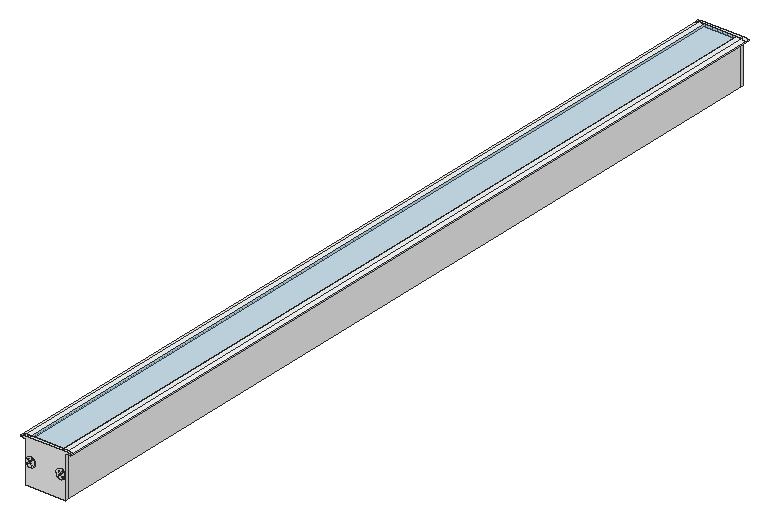
Revit family "LLED-WRCR-4RF", category Lighting Fixtures, Revit 2017
Family settings
  Round Connector Dimension = Use Diameter
  Part Type = Normal
  OmniClass Number = 23.80.70.00
  OmniClass Title = Lighting
  Work Plane-Based = Yes
  Always vertical = Yes
  Cut with Voids When Loaded = No
  Light Source = Yes
  Shared = No
  Room Calculation Point = No
Parameters (values of type "LLED-WRCR")
  Wattage = 9.2903 W
  built-in parameter 1150110 = 1 (stored number, unit not read)
  built-in parameter 1114217 = 1 (stored number, unit not read)
  Tilt Angle = 60.00°
  built-in parameter 1150109 = 1 (stored number, unit not read)
  built-in parameter 1150134 = 3
  built-in parameter 1150113 = 1 (stored number, unit not read)
  Photometric Web File = "generic"
  built-in parameter 1150142 = (empty or 0)
  built-in parameter 1150105 = 109.82 (stored number, unit not read)
  Lumens = 1380 lm
  built-in parameter 1150115 = 1 (stored number, unit not read)
  built-in parameter 1150137 = (empty or 0)
  built-in parameter 1150139 = (empty or 0)
  Length = 24.00"
  built-in parameter 1150112 = 1 (stored number, unit not read)
  built-in parameter 1150114 = 1 (stored number, unit not read)
  built-in parameter 1150132 = (empty or 0)
  built-in parameter 1150102 = (empty or 0)
  built-in parameter 1150107 = 3200 (stored number, unit not read)
  built-in parameter 1150138 = (empty or 0)
  built-in parameter 1150106 = 1.0982 (stored number, unit not read)
  Fixture Cap = Fixture Cap
  Fixture = Fixture
  Emit from Line Length = Length  # 24.00"
  built-in parameter 1150104 = 13.8 (stored number, unit not read)
  Dimming Lamp Color Temperature Shift = <None>
  Default Elevation = 48.00"
  Color Filter = 16777215
  built-in parameter 1114218 = 1 (stored number, unit not read)
  built-in parameter 1150133 = 10 (stored number, unit not read)
Reference planes (in)
  plane 1 "Light Source Axis (F/B)": y = 0
  plane 2: z = 0
  plane 3 "Light Source Axis (L/R)": x = 0
  plane 4 "Light Source Elevation": z = 81.18848
  plane 5: y = 12
  plane 6: y = -12
  plane 7: y = 12.08
  plane 8: y = -12.08
Forms (in)
  Extrusion 1, solid, material "Fixture" <- "Fixture"
    sketch origin (-1.20813, 0, -0.07812) x (1, 0, 0) y (0, 0, 1)
      loop
        line (1.80365, 1.32641) -> (1.67179, 1.32641) -> (1.67179, 1.26519) -> (0.74313, 1.26519) -> (0.74313, 1.32641) -> (0.6126, 1.32641) -> (0.48531, 1.29617) -> (0.48531, 1.26519) -> (0.63531, 1.26519) -> (0.63531, 0.07812) -> (1.78094, 0.07812) -> (1.78094, 1.26519) -> (1.93094, 1.26519) -> (1.93094, 1.29617) -> (1.80365, 1.32641)
    from -12 to 12
  Extrusion 2, solid, material "Glass"
    sketch origin (-1.35579, 0, 0.53346) x (1, 0, 0) y (0, 0, 1)
      loop
        line (0.89079, 0.71482) -> (0.89079, 0.68053) -> (1.81946, 0.68053) -> (1.81946, 0.71482) -> (0.89079, 0.71482)
    from -12 to 12
  Extrusion 3, solid, material "Fixture Cap" <- "Fixture Cap"
    sketch origin (-1.10093, -0.38036, 0.39669) x (1, 0, 0) y (0, 0, 1)
      loop
        circle (0.66984, 0.23331) r 0.13
      loop
        line (0.61655, 0.3043) -> (0.59347, 0.28122) -> (0.64297, 0.23173) -> (0.59543, 0.18419) -> (0.61991, 0.15972) -> (0.66744, 0.20725) -> (0.7141, 0.16059) -> (0.73718, 0.18367) -> (0.69051, 0.23033) -> (0.73783, 0.27765) -> (0.71336, 0.30212) -> (0.66604, 0.2548) -> (0.61655, 0.3043)
      loop
        circle (1.5328, 0.23331) r 0.13
      loop
        line (1.58609, 0.3043) -> (1.53659, 0.2548) -> (1.48928, 0.30212) -> (1.46481, 0.27765) -> (1.51212, 0.23033) -> (1.46546, 0.18367) -> (1.48853, 0.16059) -> (1.5352, 0.20725) -> (1.58273, 0.15972) -> (1.6072, 0.18419) -> (1.55967, 0.23173) -> (1.60917, 0.28122) -> (1.58609, 0.3043)
    from 11.69964 to 11.61964
  Extrusion 4, solid, material "Fixture Cap" <- "Fixture Cap"
    sketch origin (-1.20813, 0.17192, -0.42187) x (1, 0, 0) y (0, 0, 1)
      loop
        line (0.63531, 1.60894) -> (0.63531, 0.42187) -> (1.78094, 0.42187) -> (1.78094, 1.60894) -> (1.93094, 1.60894) -> (1.93094, 1.63992) -> (1.80365, 1.67016) -> (0.6126, 1.67016) -> (0.48531, 1.63992) -> (0.48531, 1.60894) -> (0.63531, 1.60894)
    from 12.17192 to 12.25192
  Extrusion 5, solid, material "Fixture Cap" <- "Fixture Cap"
    sketch origin (-1.10093, 0.38036, 0.39669) x (1, 0, 0) y (0, 0, -1)
      loop
        circle (0.66984, -0.23331) r 0.13
      loop
        line (0.61655, -0.3043) -> (0.66604, -0.2548) -> (0.71336, -0.30212) -> (0.73783, -0.27765) -> (0.69051, -0.23033) -> (0.73718, -0.18367) -> (0.7141, -0.16059) -> (0.66744, -0.20725) -> (0.61991, -0.15972) -> (0.59543, -0.18419) -> (0.64297, -0.23173) -> (0.59347, -0.28122) -> (0.61655, -0.3043)
      loop
        circle (1.5328, -0.23331) r 0.13
      loop
        line (1.58609, -0.3043) -> (1.60917, -0.28122) -> (1.55967, -0.23173) -> (1.6072, -0.18419) -> (1.58273, -0.15972) -> (1.5352, -0.20725) -> (1.48853, -0.16059) -> (1.46546, -0.18367) -> (1.51212, -0.23033) -> (1.46481, -0.27765) -> (1.48928, -0.30212) -> (1.53659, -0.2548) -> (1.58609, -0.3043)
    from 11.69964 to 11.61964
  Extrusion 6, solid, material "Fixture Cap" <- "Fixture Cap"
    sketch origin (-1.20813, -0.17192, -0.42187) x (1, 0, 0) y (0, 0, -1)
      loop
        line (0.63531, -1.60894) -> (0.48531, -1.60894) -> (0.48531, -1.63992) -> (0.6126, -1.67016) -> (1.80365, -1.67016) -> (1.93094, -1.63992) -> (1.93094, -1.60894) -> (1.78094, -1.60894) -> (1.78094, -0.42187) -> (0.63531, -0.42187) -> (0.63531, -1.60894)
    from 12.17192 to 12.25192
Dimensions and locks (in)
  equal spacing: plane 5, plane 1 "Light Source Axis (F/B)", plane 6
  "Length": plane 5 to plane 6
  Extrusion 4 to Extrusion 4 = 1.44563"
  Extrusion 4 to Extrusion 4 = 1.24828"
  Extrusion 4 to Extrusion 4 = 1.14562"
  locked: plane 7 to plane 5 at 0.08
  locked: plane 6 to plane 8 at 0.08
  aligned and locked: level to plane 2
  aligned and locked: Extrusion 1 to Extrusion 2  (x2)
  aligned and locked: Extrusion 4 to Extrusion 3  (x3)
  aligned and locked: Extrusion 1 to Extrusion 4
  aligned and locked: Extrusion 2 to Extrusion 4
  aligned and locked: Extrusion 3 to Extrusion 1
  aligned and locked: Extrusion 5 to Extrusion 6  (x2)
  aligned and locked: plane 8 to Extrusion 4
  aligned and locked: plane 6 to Extrusion 4
  aligned and locked: Extrusion 1 to plane 6
  aligned and locked: Extrusion 2 to plane 6
  aligned and locked: Extrusion 4 to plane 6
  aligned and locked: Extrusion 4 to Extrusion 1
  aligned and locked: plane 7 to Extrusion 6
  aligned and locked: Extrusion 6 to plane 5
  aligned and locked: plane 5 to Extrusion 1
  aligned and locked: Extrusion 1 to Extrusion 6
  aligned and locked: Extrusion 2 to Extrusion 6
Automatic sketch dimensions
  Extrusion 1 sketch curve to plane 3 "Light Source Axis (L/R)" = 0.72281"
  Extrusion 1 sketch curve to Extrusion 1 sketch curve = 0.12728"  (x2)
  Extrusion 1 sketch curve to Extrusion 1 sketch curve = 0.15"
  Extrusion 1 sketch curve to Extrusion 1 sketch curve = 0.10781"
  Extrusion 1 sketch curve to Extrusion 1 sketch curve = 0.92867"
  Extrusion 1 sketch curve to Extrusion 1 sketch curve = 0.10915"
  Extrusion 1 sketch curve to Extrusion 1 sketch curve = 0.02272"
  Extrusion 1 sketch curve to level = 0.00"
  Extrusion 1 sketch curve to Extrusion 1 sketch curve = 1.18707"
  Extrusion 1 sketch curve to Extrusion 1 sketch curve = 0.00"  (x2)
  Extrusion 1 sketch curve to Extrusion 1 sketch curve = 0.03098"  (x2)
  Extrusion 1 sketch curve to Extrusion 1 sketch curve = 0.06122"  (x2)
  Extrusion 2 sketch curve to plane 3 "Light Source Axis (L/R)" = 0.465"
  Extrusion 2 sketch curve to Extrusion 2 sketch curve = 0.92867"
  level to Extrusion 2 sketch curve = 1.21399"
  Extrusion 2 sketch curve to Extrusion 2 sketch curve = 0.03429"
  Extrusion 3 sketch curve to plane 3 "Light Source Axis (L/R)" = 0.50746"
  Extrusion 3 sketch curve to Extrusion 3 sketch curve = 0.00196"
  level to Extrusion 3 sketch curve = 0.70098"  (x2)
  Extrusion 3 sketch curve to Extrusion 3 sketch curve = 0.02307"  (x2)
  level to Extrusion 3 sketch curve = 0.55641"  (x2)
  Extrusion 3 sketch curve to Extrusion 3 sketch curve = 0.02447"  (x2)
  level to Extrusion 3 sketch curve = 0.62841"
  level to Extrusion 3 sketch curve = 0.65149"  (x2)
  level to Extrusion 3 sketch curve = 0.60394"  (x2)
  Extrusion 3 sketch curve to Extrusion 3 sketch curve = 0.0038"
  Extrusion 3 sketch curve to Extrusion 3 sketch curve = 0.02067"  (x2)
  level to Extrusion 3 sketch curve = 0.6988"  (x2)
  level to Extrusion 3 sketch curve = 0.55728"  (x2)
  level to Extrusion 3 sketch curve = 0.58035"
  Extrusion 3 sketch curve to Extrusion 3 sketch curve = 0.72698"
  Extrusion 3 sketch curve to Extrusion 3 sketch curve = 0.00065"
  level to Extrusion 3 sketch curve = 0.62702"
  Extrusion 3 sketch curve to Extrusion 3 sketch curve = 0.02687"
  level to Extrusion 3 sketch curve = 0.58088"
  Extrusion 3 sketch curve to Extrusion 3 sketch curve = 0.00298"  (x2)
  Extrusion 4 sketch curve to plane 3 "Light Source Axis (L/R)" = 0.72281"
  Extrusion 4 sketch curve to Extrusion 4 sketch curve = 0.12728"  (x2)
  Extrusion 4 sketch curve to Extrusion 4 sketch curve = 0.15"
  Extrusion 4 sketch curve to Extrusion 4 sketch curve = 1.14562"
  Extrusion 4 sketch curve to Extrusion 4 sketch curve = 0.02272"
  Extrusion 4 sketch curve to level = 0.00"
  Extrusion 4 sketch curve to Extrusion 4 sketch curve = 1.18707"  (x2)
  Extrusion 4 sketch curve to Extrusion 4 sketch curve = 0.03098"  (x2)
  Extrusion 4 sketch curve to Extrusion 4 sketch curve = 0.06122"
  Extrusion 5 sketch curve to plane 3 "Light Source Axis (L/R)" = 0.50746"
  Extrusion 5 sketch curve to Extrusion 5 sketch curve = 0.00196"
  level to Extrusion 5 sketch curve = 0.70098"  (x2)
  Extrusion 5 sketch curve to Extrusion 5 sketch curve = 0.02307"  (x2)
  level to Extrusion 5 sketch curve = 0.55641"  (x2)
  Extrusion 5 sketch curve to Extrusion 5 sketch curve = 0.02447"  (x2)
  level to Extrusion 5 sketch curve = 0.62841"
  level to Extrusion 5 sketch curve = 0.65149"  (x2)
  level to Extrusion 5 sketch curve = 0.60394"  (x2)
  Extrusion 5 sketch curve to Extrusion 5 sketch curve = 0.0038"
  Extrusion 5 sketch curve to Extrusion 5 sketch curve = 0.02067"  (x2)
  level to Extrusion 5 sketch curve = 0.6988"  (x2)
  level to Extrusion 5 sketch curve = 0.55728"  (x2)
  level to Extrusion 5 sketch curve = 0.58035"
  Extrusion 5 sketch curve to Extrusion 5 sketch curve = 0.72698"
  Extrusion 5 sketch curve to Extrusion 5 sketch curve = 0.00065"
  level to Extrusion 5 sketch curve = 0.62702"
  Extrusion 5 sketch curve to Extrusion 5 sketch curve = 0.02687"
  level to Extrusion 5 sketch curve = 0.58088"
  Extrusion 5 sketch curve to Extrusion 5 sketch curve = 0.00298"  (x2)
  Extrusion 6 sketch curve to plane 3 "Light Source Axis (L/R)" = 0.72281"
  Extrusion 6 sketch curve to Extrusion 6 sketch curve = 0.12728"  (x2)
  Extrusion 6 sketch curve to Extrusion 6 sketch curve = 0.15"
  Extrusion 6 sketch curve to Extrusion 6 sketch curve = 1.14562"
  Extrusion 6 sketch curve to Extrusion 6 sketch curve = 0.02272"
  level to Extrusion 6 sketch curve = 1.24828"
  Extrusion 6 sketch curve to Extrusion 6 sketch curve = 0.03024"  (x2)
  Extrusion 6 sketch curve to Extrusion 6 sketch curve = 0.06122"
  Extrusion 6 sketch curve to Extrusion 6 sketch curve = 0.03098"
  Extrusion 6 sketch curve to Extrusion 6 sketch curve = 1.18707"
  radius of Extrusion 3 sketch curve = 0.13"  (x2)
  radius of Extrusion 5 sketch curve = 0.13"  (x2)
